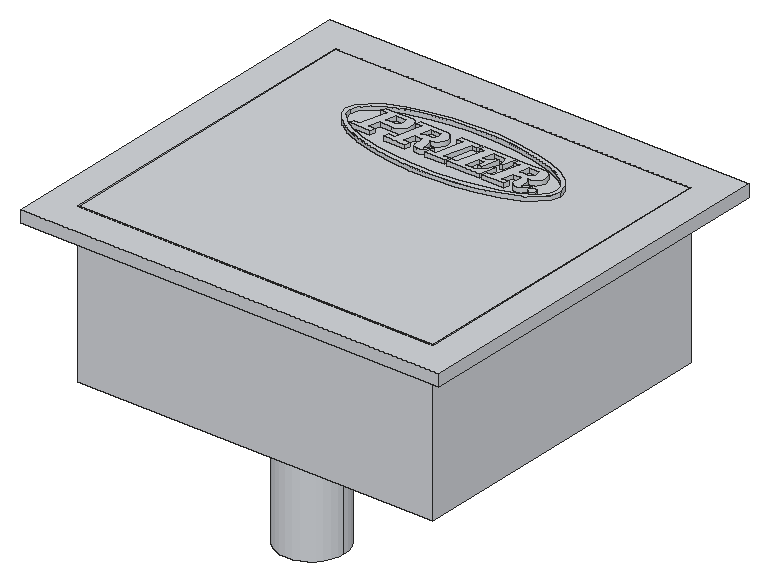
Revit family "Prier C-634BX", category Plumbing Fixtures, host Face, Revit 2012
Parameters (values of type "1" Inlet")
  Waste Connection = no
  Vent Connection = no
  URL = "http://www.prier.com/content/spec-sheets.html"
  Type Comments = if(Satin Nickel Plated, "Satin Nickel Plated", if(Rough Brass, "Rough Brass", "Custom"))  # "Satin Nickel Plated"
  Satin Nickel Plated = yes
  Rough Brass = no
  Model = "C-634BX"
  Manufacturer = "Prier"
  Inlet Radius = Inlet Size / 2  # 0' - 0 1/2"
  Inlet Size = 1"
  Hydrant Length [instance] = 0' - 2"
  HW Connection = no
  Default Elevation = 2' - 0"
  Custom = no
  Code Standards = "ASSE 1019, ASSE 1052, & CUPC"
  Code Listings = "ASSE. CUPC, & IAPMO"
  CW Connection = yes
Types (3): name | Inlet Radius | Inlet Size | Hydrant Length
  (no name) | 0' - 0 1/2" | 1" | 0' - 2"
  3/4" Inlet | 0' - 0 3/8" | 3/4" | 2' - 0"
  1" Inlet | 0' - 0 1/2" | 1" | 0' - 2"
Reference planes (in)
  plane 1 "Center (Front/Back)": y = 0
  plane 2: z = 0
  plane 3 "Center (Left/Right)": x = 0
  plane 4 "Box Depth": z = -2.25
  plane 5 "Hydrant Length": z = -4.25
  plane 6 "End of Threads": z = -5
Forms (in)
  Extrusion 1, solid
    sketch origin (0, 0, 0) x (1, 0, 0) y (0, 1, 0)
      loop
        line (-3.25, 3) -> (-3.25, -3) -> (3.25, -3) -> (3.25, 3) -> (-3.25, 3)
      loop
        line (-2.75, 2.5) -> (-2.75, -2.5) -> (2.75, -2.5) -> (2.75, 2.5) -> (-2.75, 2.5)
    from 0 to 0.187
  Extrusion 2, solid
    sketch origin (0, 0, 0) x (1, 0, 0) y (0, 1, 0)
      loop
        line (-2.75, 2.5) -> (-2.75, -2.5) -> (2.75, -2.5) -> (2.75, 2.5) -> (-2.75, 2.5)
    from -2.25 to 0.187
  Extrusion 3, solid
    sketch origin (0, 0, -2.25) x (-1, 0, 0) y (0, -1, 0)
      loop
        circle (1.125, 0) r 0.5
    from 0 to -2.75
  Extrusion 4, solid
    sketch origin (-35.54139, -180, 0.187) x (-1, 0, 0) y (0, -1, 0)
      loop
        spline (-33.87481, -181.33852) -> (-33.9316, -181.17215) -> (-34.09809, -181.01711) -> (-34.36294, -180.88398) -> (-34.7081, -180.78182) -> (-35.11005, -180.7176) -> (-35.54139, -180.6957) -> (-35.97274, -180.7176) -> (-36.37469, -180.78182) -> (-36.71985, -180.88398) -> (-36.9847, -181.01711) -> (-37.15119, -181.17215) -> (-37.20798, -181.33852)
        spline (-37.20798, -181.33852) -> (-37.15119, -181.5049) -> (-36.9847, -181.65994) -> (-36.71985, -181.79307) -> (-36.37469, -181.89523) -> (-35.97274, -181.95945) -> (-35.54139, -181.98135) -> (-35.11005, -181.95945) -> (-34.7081, -181.89523) -> (-34.36294, -181.79307) -> (-34.09809, -181.65994) -> (-33.9316, -181.5049) -> (-33.87481, -181.33852)
      loop
        spline (-33.93155, -181.33852) -> (-33.98641, -181.18875) -> (-34.14723, -181.04919) -> (-34.40307, -180.92934) -> (-34.73647, -180.83738) -> (-35.12474, -180.77957) -> (-35.54139, -180.75986) -> (-35.95805, -180.77957) -> (-36.34631, -180.83738) -> (-36.67972, -180.92934) -> (-36.93555, -181.04919) -> (-37.09638, -181.18875) -> (-37.15123, -181.33852)
        spline (-37.15123, -181.33852) -> (-37.09638, -181.48829) -> (-36.93555, -181.62786) -> (-36.67972, -181.7477) -> (-36.34631, -181.83967) -> (-35.95805, -181.89748) -> (-35.54139, -181.91719) -> (-35.12474, -181.89748) -> (-34.73647, -181.83967) -> (-34.40307, -181.7477) -> (-34.14723, -181.62786) -> (-33.98641, -181.48829) -> (-33.93155, -181.33852)
      loop
        circle (-36.91697, -181.1465) r 0.05628
      loop
        line (-36.18825, -181.08476) -> (-36.52242, -181.08476) -> (-36.54066, -181.1579) -> (-36.43946, -181.1579) -> (-36.4792, -181.31727) -> (-36.5866, -181.31727)
        spline (-36.5866, -181.31727) -> (-36.61186, -181.29955) -> (-36.61561, -181.26809) -> (-36.61179, -181.22622) -> (-36.60969, -181.18327) -> (-36.61654, -181.14782) -> (-36.63272, -181.12153) -> (-36.65656, -181.10402) -> (-36.6862, -181.09521) -> (-36.71924, -181.0959) -> (-36.75382, -181.10805) -> (-36.79471, -181.14377) -> (-36.85068, -181.22115)
        line (-36.85068, -181.22115) -> (-36.8071, -181.22115)
        spline (-36.8071, -181.22115) -> (-36.80038, -181.21104) -> (-36.79353, -181.20124) -> (-36.78668, -181.19202) -> (-36.77999, -181.18361) -> (-36.77357, -181.17626) -> (-36.76757, -181.17022) -> (-36.76212, -181.16574) -> (-36.75736, -181.16306) -> (-36.75342, -181.16243) -> (-36.75044, -181.1641) -> (-36.74856, -181.16832) -> (-36.7479, -181.17533)
        spline (-36.7479, -181.17533) -> (-36.7487, -181.19284) -> (-36.7486, -181.20964) -> (-36.74761, -181.22574) -> (-36.74573, -181.24112) -> (-36.74294, -181.25578) -> (-36.73926, -181.26974) -> (-36.73469, -181.28298) -> (-36.72922, -181.29552) -> (-36.72285, -181.30734) -> (-36.71559, -181.31844) -> (-36.70743, -181.32884) -> (-36.69837, -181.33852)
        arc (-36.69837, -181.33852) -> (-36.85806, -181.46622) -> (-36.73975, -181.63298) r 0.14892
        line (-36.73975, -181.63298) -> (-36.32494, -181.63298) -> (-36.3067, -181.55984) -> (-36.40157, -181.55984) -> (-36.30135, -181.1579) -> (-36.20649, -181.1579) -> (-36.18825, -181.08476)
      loop
        line (-35.65096, -181.08476) -> (-36.15739, -181.08476) -> (-36.21536, -181.31727) -> (-36.17154, -181.31727)
        spline (-36.17154, -181.31727) -> (-36.16985, -181.29822) -> (-36.16651, -181.28022) -> (-36.16152, -181.26327) -> (-36.15488, -181.24736) -> (-36.1466, -181.23251) -> (-36.13667, -181.2187) -> (-36.12509, -181.20595) -> (-36.11187, -181.19424) -> (-36.09699, -181.18358) -> (-36.08047, -181.17397) -> (-36.0623, -181.16541) -> (-36.04248, -181.1579)
        line (-36.04248, -181.1579) -> (-35.88542, -181.1579) -> (-35.93263, -181.34726) -> (-36.00217, -181.34726)
        arc (-36.00217, -181.34726) -> (-36.01981, -181.29074) -> (-36.00217, -181.23421) r 0.09936
        line (-36.00217, -181.23421) -> (-36.06271, -181.23421) -> (-36.12731, -181.49334) -> (-36.08105, -181.49334)
        arc (-36.08105, -181.49334) -> (-36.06181, -181.44383) -> (-36.02187, -181.40882) r 0.11161
        line (-36.02187, -181.40882) -> (-35.94798, -181.40882) -> (-35.98563, -181.55984) -> (-36.15961, -181.55984)
        arc (-36.15961, -181.55984) -> (-36.20391, -181.49776) -> (-36.19814, -181.4217) r 0.11192
        line (-36.19814, -181.4217) -> (-36.2414, -181.4217) -> (-36.29408, -181.63298) -> (-35.78765, -181.63298) -> (-35.76941, -181.55984) -> (-35.84113, -181.55984) -> (-35.74091, -181.1579) -> (-35.6692, -181.1579) -> (-35.65096, -181.08476)
      loop
        line (-35.43698, -181.63298) -> (-35.41874, -181.55984) -> (-35.51052, -181.55984) -> (-35.41031, -181.1579) -> (-35.31853, -181.1579) -> (-35.30029, -181.08476) -> (-35.60872, -181.08476) -> (-35.62696, -181.1579) -> (-35.54498, -181.1579) -> (-35.6452, -181.55984) -> (-35.72717, -181.55984) -> (-35.74541, -181.63298) -> (-35.43698, -181.63298)
      loop
        line (-36.69516, -181.55984) -> (-36.53968, -181.55984) -> (-36.5042, -181.41756) -> (-36.65165, -181.41756)
        arc (-36.65165, -181.41756) -> (-36.71439, -181.47617) -> (-36.69516, -181.55984) r 0.08599
      loop
        line (-34.66338, -181.08476) -> (-34.99755, -181.08476) -> (-35.01579, -181.1579) -> (-34.91459, -181.1579) -> (-34.95433, -181.31727) -> (-35.06173, -181.31727)
        spline (-35.06173, -181.31727) -> (-35.08699, -181.29955) -> (-35.09074, -181.26809) -> (-35.08692, -181.22622) -> (-35.08482, -181.18327) -> (-35.09167, -181.14782) -> (-35.10785, -181.12153) -> (-35.13169, -181.10402) -> (-35.16133, -181.09521) -> (-35.19437, -181.0959) -> (-35.22895, -181.10805) -> (-35.26984, -181.14377) -> (-35.32581, -181.22115)
        line (-35.32581, -181.22115) -> (-35.28223, -181.22115)
        spline (-35.28223, -181.22115) -> (-35.27551, -181.21104) -> (-35.26866, -181.20124) -> (-35.26181, -181.19202) -> (-35.25512, -181.18361) -> (-35.2487, -181.17626) -> (-35.2427, -181.17022) -> (-35.23725, -181.16574) -> (-35.23249, -181.16306) -> (-35.22855, -181.16243) -> (-35.22557, -181.1641) -> (-35.22369, -181.16832) -> (-35.22303, -181.17533)
        spline (-35.22303, -181.17533) -> (-35.22383, -181.19284) -> (-35.22373, -181.20964) -> (-35.22274, -181.22574) -> (-35.22086, -181.24112) -> (-35.21807, -181.25578) -> (-35.21439, -181.26974) -> (-35.20982, -181.28298) -> (-35.20435, -181.29552) -> (-35.19798, -181.30734) -> (-35.19072, -181.31844) -> (-35.18256, -181.32884) -> (-35.1735, -181.33852)
        arc (-35.1735, -181.33852) -> (-35.33319, -181.46622) -> (-35.21488, -181.63298) r 0.14892
        line (-35.21488, -181.63298) -> (-34.80007, -181.63298) -> (-34.78183, -181.55984) -> (-34.8767, -181.55984) -> (-34.77648, -181.1579) -> (-34.68161, -181.1579) -> (-34.66338, -181.08476)
      loop
        line (-35.17029, -181.55984) -> (-35.01481, -181.55984) -> (-34.97933, -181.41756) -> (-35.12678, -181.41756)
        arc (-35.12678, -181.41756) -> (-35.18952, -181.47617) -> (-35.17029, -181.55984) r 0.08599
      loop
        line (-34.1212, -181.08476) -> (-34.45537, -181.08476) -> (-34.47361, -181.1579) -> (-34.37241, -181.1579) -> (-34.41215, -181.31727) -> (-34.59399, -181.31727)
        arc (-34.59399, -181.31727) -> (-34.78086, -181.43835) -> (-34.6727, -181.63298) r 0.16306
        line (-34.6727, -181.63298) -> (-34.25788, -181.63298) -> (-34.23965, -181.55984) -> (-34.33452, -181.55984) -> (-34.2343, -181.1579) -> (-34.13943, -181.1579) -> (-34.1212, -181.08476)
      loop
        line (-34.6281, -181.55984) -> (-34.47263, -181.55984) -> (-34.43715, -181.41756) -> (-34.5846, -181.41756)
        arc (-34.5846, -181.41756) -> (-34.64734, -181.47617) -> (-34.6281, -181.55984) r 0.08599
    from 0 to 0.0625
Lines and regions (in)
  symbolic lines, style "PlumbingFixtures", detail levels fine
    curve 1: line (-3.25, 0, 0.187) -> (3.25, 0, 0.187)
    curve 2: line (3.25, 0, 0.187) -> (3.25, 0, 0)
    curve 3: line (3.25, 0, 0) -> (2.75, 0, 0)
    curve 4: line (2.75, 0, 0) -> (2.75, 0, -2.25)
    curve 5: line (-1.5, 0, -2.25) -> (-2.75, 0, -2.25)
    curve 6: line (-2.75, 0, -2.25) -> (-2.75, 0, 0)
    curve 7: line (-2.75, 0, 0) -> (-3.25, 0, 0)
    curve 8: line (-3.25, 0, 0) -> (-3.25, 0, 0.187)
    curve 9: line (-1.5, 0, -2.25) -> (-1.5, 0, -5)
    curve 10: line (-1.5, 0, -5) -> (-0.75, 0, -5)
    curve 11: line (-0.75, 0, -5) -> (-0.75, 0, -2.25)
    curve 12: line (-1.5, 0, -2.25) -> (2.75, 0, -2.25)
  symbolic lines, detail levels coarse+medium
    curve 13: line (-1.125, 0, 9.30462) -> (-1.125, 0, 0)
    curve 14: line (-3.375, 0, 6.6875) -> (1.125, 0, 6.6875)
    curve 17: line (-1.125, 0, -5) -> (-1.125, 0, 0)
  symbolic lines, not visible, detail levels coarse+medium
    curve 15: line (4.86712, 4.65231, 0) -> (-4.4375, 4.65231, 0)
    curve 16: line (2.25, 6.90231, 0) -> (2.25, 2.40231, 0)
Dimensions and locks (in)
  locked: plane 4 "Box Depth" to plane 2 at 2.25
  locked: plane 5 "Hydrant Length" to plane 6 "End of Threads" at 0.75
  "Hydrant Length": plane 4 "Box Depth" to plane 5 "Hydrant Length"
  "Inlet Radius": radius of Extrusion 3 sketch curve
  aligned and locked: plane 2 to host face
  aligned and locked: level to host face
  aligned and locked: Extrusion 1 to level
  aligned and locked: Extrusion 2 to plane 4 "Box Depth"
  aligned and locked: plane 1 "Center (Front/Back)" to Extrusion 3 sketch curve
  aligned and locked: Extrusion 3 to plane 4 "Box Depth"
  aligned and locked: Extrusion 3 to plane 6 "End of Threads"
  aligned and locked: curve 10 to plane 6 "End of Threads"
  aligned and locked: plane 6 "End of Threads" to curve 17
Automatic sketch dimensions
  host sketch curve to host sketch curve = 8' - 0"  (x2)
  Extrusion 4 sketch curve to plane 3 "Center (Left/Right)" = 0' - 0"  (x2)
  plane 3 "Center (Left/Right)" to Extrusion 4 sketch curve = 0' - 0.00359"
  plane 3 "Center (Left/Right)" to Extrusion 4 sketch curve = 0' - 0.06733"
  Extrusion 4 sketch curve to Extrusion 4 sketch curve = 0' - 0.01824"  (x12)
  plane 3 "Center (Left/Right)" to Extrusion 4 sketch curve = 0' - 0.1038"
  Extrusion 4 sketch curve to Extrusion 4 sketch curve = 0' - 0.04224"  (x4)
  Extrusion 4 sketch curve to Extrusion 4 sketch curve = 0' - 0.08198"
  Extrusion 4 sketch curve to Extrusion 4 sketch curve = 0' - 0.07172"  (x2)
  Extrusion 4 sketch curve to Extrusion 4 sketch curve = 0' - 0.14451"
  Extrusion 4 sketch curve to Extrusion 4 sketch curve = 0' - 0.03503"
  Extrusion 4 sketch curve to Extrusion 4 sketch curve = 0' - 0.01218"
  Extrusion 4 sketch curve to Extrusion 4 sketch curve = 0' - 0.01535"
  Extrusion 4 sketch curve to Extrusion 4 sketch curve = 0' - 0.02241"
  Extrusion 4 sketch curve to Extrusion 4 sketch curve = 0' - 0.01525"
  Extrusion 4 sketch curve to Extrusion 4 sketch curve = 0' - 0.06954"
  Extrusion 4 sketch curve to Extrusion 4 sketch curve = 0' - 0.08172"
  Extrusion 4 sketch curve to Extrusion 4 sketch curve = 0' - 0.01971"
  Extrusion 4 sketch curve to Extrusion 4 sketch curve = 0' - 0.04032"
  Extrusion 4 sketch curve to Extrusion 4 sketch curve = 0' - 0.06054"
  Extrusion 4 sketch curve to Extrusion 4 sketch curve = 0' - 0.05918"
  Extrusion 4 sketch curve to Extrusion 4 sketch curve = 0' - 0.01505"
  Extrusion 4 sketch curve to Extrusion 4 sketch curve = 0' - 0.03121"
  Extrusion 4 sketch curve to Extrusion 4 sketch curve = 0' - 0.1149"
  Extrusion 4 sketch curve to Extrusion 4 sketch curve = 0' - 0.03229"
  Extrusion 4 sketch curve to Extrusion 4 sketch curve = 0' - 0.10883"
  Extrusion 4 sketch curve to Extrusion 4 sketch curve = 0' - 0.03086"  (x2)
  Extrusion 4 sketch curve to Extrusion 4 sketch curve = 0' - 0.07083"
  Extrusion 4 sketch curve to Extrusion 4 sketch curve = 0' - 0.04382"
  Extrusion 4 sketch curve to Extrusion 4 sketch curve = 0' - 0.04326"
  Extrusion 4 sketch curve to Extrusion 4 sketch curve = 0' - 0.13447"
  Extrusion 4 sketch curve to Extrusion 4 sketch curve = 0' - 0.09487"  (x4)
  Extrusion 4 sketch curve to Extrusion 4 sketch curve = 0' - 0.01263"
  Extrusion 4 sketch curve to Extrusion 4 sketch curve = 0' - 0.13811"  (x6)
  Extrusion 4 sketch curve to Extrusion 4 sketch curve = 0' - 0.03974"
  Extrusion 4 sketch curve to Extrusion 4 sketch curve = 0' - 0.02501"  (x3)
  Extrusion 4 sketch curve to Extrusion 4 sketch curve = 0' - 0.08296"
  Extrusion 4 sketch curve to Extrusion 4 sketch curve = 0' - 0.1074"
  Extrusion 4 sketch curve to Extrusion 4 sketch curve = 0' - 0.09247"  (x3)
  Extrusion 4 sketch curve to Extrusion 4 sketch curve = 0' - 0.0195"
  Extrusion 4 sketch curve to Extrusion 4 sketch curve = 0' - 0.063"
  Extrusion 4 sketch curve to Extrusion 4 sketch curve = 0' - 0.04672"
  Extrusion 4 sketch curve to Extrusion 4 sketch curve = 0' - 0.01543"  (x2)
  Extrusion 4 sketch curve to Extrusion 4 sketch curve = 0' - 0.0446"  (x2)
  Extrusion 4 sketch curve to Extrusion 4 sketch curve = 0' - 0.04953"
  Extrusion 4 sketch curve to Extrusion 4 sketch curve = 0' - 0.05921"  (x2)
  Extrusion 4 sketch curve to Extrusion 4 sketch curve = 0' - 0.04357"  (x2)
  Extrusion 4 sketch curve to Extrusion 4 sketch curve = 0' - 0.0663"
  Extrusion 4 sketch curve to plane 3 "Center (Left/Right)" = 0' - 0.03087"
  Extrusion 4 sketch curve to Extrusion 4 sketch curve = 0' - 0.07354"
  Extrusion 4 sketch curve to plane 3 "Center (Left/Right)" = 0' - 0.13109"
  Extrusion 4 sketch curve to Extrusion 4 sketch curve = 0' - 0.0845"
  Extrusion 4 sketch curve to Extrusion 4 sketch curve = 0' - 0.00728"
  Extrusion 4 sketch curve to Extrusion 4 sketch curve = 0' - 0.20386"
  Extrusion 4 sketch curve to Extrusion 4 sketch curve = 0' - 0.02917"
  Extrusion 4 sketch curve to Extrusion 4 sketch curve = 0' - 0.01222"
  Extrusion 4 sketch curve to Extrusion 4 sketch curve = 0' - 0.05893"
  Extrusion 4 sketch curve to Extrusion 4 sketch curve = 0' - 0.07843"
  Extrusion 4 sketch curve to Extrusion 4 sketch curve = 0' - 0.11177"
  Extrusion 4 sketch curve to Extrusion 4 sketch curve = 0' - 0.04594"
  Extrusion 4 sketch curve to Extrusion 4 sketch curve = 0' - 0.08239"
  Extrusion 4 sketch curve to Extrusion 4 sketch curve = 0' - 0.10119"  (x2)
  Extrusion 4 sketch curve to Extrusion 4 sketch curve = 0' - 0.07663"  (x2)
  Extrusion 4 sketch curve to Extrusion 4 sketch curve = 0' - 0.12736"
  Extrusion 4 sketch curve to Extrusion 4 sketch curve = 0' - 0.00546"
  Extrusion 4 sketch curve to Extrusion 4 sketch curve = 0' - 0.02865"
  Extrusion 4 sketch curve to Extrusion 4 sketch curve = 0' - 0.03804"
  Extrusion 4 sketch curve to Extrusion 4 sketch curve = 0' - 0.05754"
  Extrusion 4 sketch curve to Extrusion 4 sketch curve = 0' - 0.20788"
  Extrusion 4 sketch curve to Extrusion 4 sketch curve = 0' - 0.05675"
  Extrusion 4 sketch curve to Extrusion 4 sketch curve = 0' - 0"  (x7)
  Extrusion 4 sketch curve to Extrusion 4 sketch curve = 0' - 0.07314"  (x15)
  Extrusion 4 sketch curve to Extrusion 4 sketch curve = 0' - 0.05199"
  Extrusion 4 sketch curve to Extrusion 4 sketch curve = 0' - 0.05853"  (x3)
  Extrusion 4 sketch curve to Extrusion 4 sketch curve = 0' - 0.0665"
  Extrusion 4 sketch curve to Extrusion 4 sketch curve = 0' - 0.0729"  (x2)
  Extrusion 4 sketch curve to Extrusion 4 sketch curve = 0' - 0.02352"
  Extrusion 4 sketch curve to Extrusion 4 sketch curve = 0' - 0.02565"
  Extrusion 4 sketch curve to Extrusion 4 sketch curve = 0' - 0.06156"
  Extrusion 4 sketch curve to Extrusion 4 sketch curve = 0' - 0.22132"
  Extrusion 4 sketch curve to Extrusion 4 sketch curve = 0' - 0.10029"
  Extrusion 4 sketch curve to Extrusion 4 sketch curve = 0' - 0.02125"
  Extrusion 4 sketch curve to Extrusion 4 sketch curve = 0' - 0.10444"
  Extrusion 4 sketch curve to Extrusion 4 sketch curve = 0' - 0.05653"
  Extrusion 4 sketch curve to Extrusion 4 sketch curve = 0' - 0.11737"  (x2)
  Extrusion 4 sketch curve to Extrusion 4 sketch curve = 0' - 0.04583"  (x2)
  Extrusion 4 sketch curve to Extrusion 4 sketch curve = 0' - 0.06325"
  Extrusion 4 sketch curve to Extrusion 4 sketch curve = 0' - 0.15937"  (x5)
  Extrusion 4 sketch curve to Extrusion 4 sketch curve = 0' - 0.18062"
  Extrusion 4 sketch curve to Extrusion 4 sketch curve = 0' - 0.13284"
  Extrusion 4 sketch curve to Extrusion 4 sketch curve = 0' - 0.07465"
  Extrusion 1 sketch curve to plane 1 "Center (Front/Back)" = 0' - 2 1/2"
  Extrusion 1 sketch curve to Extrusion 1 sketch curve = 0' - 0 1/2"  (x4)
  Extrusion 2 sketch curve to plane 1 "Center (Front/Back)" = 0' - 2 1/2"
  Extrusion 4 sketch curve to plane 1 "Center (Front/Back)" = 0' - 1.63298"
  plane 1 "Center (Front/Back)" to Extrusion 1 sketch curve = 0' - 2 1/2"
  plane 1 "Center (Front/Back)" to Extrusion 2 sketch curve = 0' - 2 1/2"
  Extrusion 1 sketch curve to plane 3 "Center (Left/Right)" = 0' - 2 3/4"
  Extrusion 2 sketch curve to plane 3 "Center (Left/Right)" = 0' - 2 3/4"
  Extrusion 3 sketch curve to plane 3 "Center (Left/Right)" = 0' - 1 1/8"
  Extrusion 4 sketch curve to Extrusion 4 sketch curve = 0' - 0.12038"
  Extrusion 4 sketch curve to Extrusion 4 sketch curve = 0' - 0.03548"
  plane 3 "Center (Left/Right)" to Extrusion 1 sketch curve = 0' - 2 3/4"
  plane 3 "Center (Left/Right)" to Extrusion 2 sketch curve = 0' - 2 3/4"
  curve 14 to curve 13 = 0' - 2 1/4"
  curve 13 to curve 14 = 0' - 2 1/4"
  curve 14 to curve 13 = 0' - 2.61712"
  curve 13 to curve 14 = 0' - 6 11/16"
  curve 15 to curve 16 = 0' - 6 11/16"
  curve 16 to curve 15 = 0' - 2.61712"
  curve 16 to curve 15 = 0' - 2 1/4"  (x2)
  curve 8 to level = 0' - 0"
  curve 17 to level = 0' - 0"
  curve 11 to plane 4 "Box Depth" = 0' - 0"
  curve 3 to level = 0' - 0"
  level to curve 1 = 0' - 0.187"
  curve 1 to plane 3 "Center (Left/Right)" = 0' - 3 1/4"
  curve 7 to curve 5 = 0' - 0 1/2"
  curve 5 to curve 9 = 0' - 1 1/4"
  curve 17 to plane 3 "Center (Left/Right)" = 0' - 1 1/8"
  curve 17 to curve 11 = 0' - 0 3/8"
  plane 3 "Center (Left/Right)" to curve 4 = 0' - 2 3/4"
  curve 3 to curve 2 = 0' - 0 1/2"
  radius of Extrusion 4 sketch curve = 0' - 0.05628"
Connectors (in)
  piping at (-1.125, 0, -5), driven by "Inlet Radius"
    settings: on Extrusion 3, index 1, connector radius 1/2", flow factor 0, pipe flow 0 GPM, pressure drop 0.00 psi, fitting loss kfactor 0, connector angle 0.00°, fixture units 0, engagement length 0' - 0", flow configuration 0, flow direction 1, fitting loss method 0, system type 20, joint type 0, gender type 0, connector reference index -1, connector utility 0, adjustable connector no, is connector primary yes, fitting loss table "", connector description "Cold Water Inlet"
